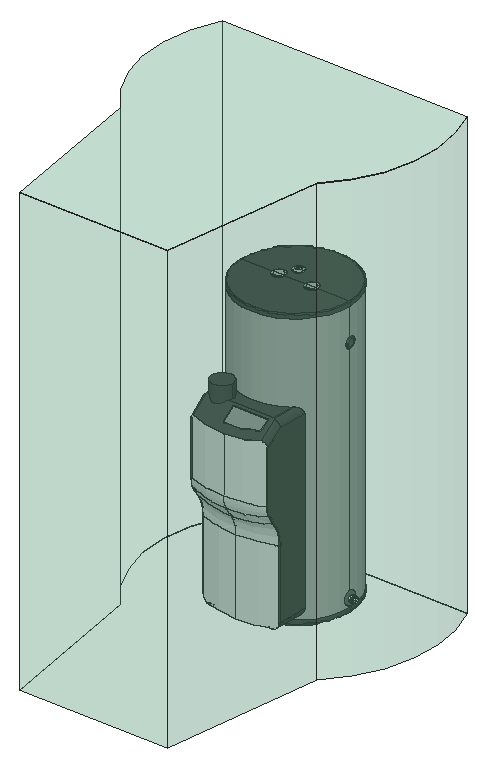
Revit family "Innovo GB_IR 32 245 GB NAT", category Mechanical Equipment, Revit 2015
Parameters (values of type "IR-32-245 GB NAT")
  Workspace Radius = Diameter + 170 mm  # 845 mm
  Workspace Height = Height + 1000 mm  # 2745 mm
  Workspace Front Distance = 1000 mm
  Working only during off-peak hour = no
  Width = Diameter  # 675 mm
  Workspace [instance] = yes
  Water heating energy efficiency class (2) = "-"
  Water heating energy efficiency class (1) = "A"  # constant formula
  Water heating energy efficiency (2) = "92%"
  Water heating energy efficiency (1) = "90%"
  Warranty on tank = "36 months"  # constant formula
  Warranty on parts = "12 months"  # constant formula
  Voltage = 230 V  # constant formula
  Valve Height 02 = if(and(Height = 1745 mm, Diameter = 675 mm), 1518 mm, if(and(Height = 1745 mm, Diameter = 610 mm), 1534 mm, if(Height = 1545 mm, 1328 mm, 1070 mm)))  # 1518 mm
  Valve Height 01 = if(and(Diameter > 560 mm), 693 mm, 604 mm)  # 693 mm
  URL = "www.aosmith.co.uk"
  Type of Packaging = "Carton and Wood"  # constant formula
  Transport Weight = 172 kg
  Trade mark = "A.O. Smith"  # constant formula
  Thermostat temperature setting = 65 °C  # constant formula
  T&P Connection Rp = 1"
  Storage Capacity = 380.0 L
  Standard Set For = "G31"
  Stand-by Loss - daily (24h) = 0 W
  Stand-by Loss = 0 W
  Smart control = no
  Serial Number = "8717449286422"
  Seasonal Energy Efficiency Rating = [Energy Efficiency Rating (Hs, acc NEN-EN 89-1999)]  # 97
  Recovery Rate @ ΔT = 70°C = 380.0 L/s
  Recovery Rate @ ΔT = 55°C = 480.0 L/s
  Recovery Rate @ ΔT = 50°C = 530.0 L/s
  Recovery Rate @ ΔT = 44°C = 600.0 L/s
  Recovery Rate @ ΔT = 28°C = 960.0 L/s
  Product Instruction Link = ""
  Product Documentation Link = ""
  Precaustions during assembling, installation or maintenance = "see User, Installation, Service and Maintenance Manual"  # constant formula
  Power Consumption (peak) = 105 W
  Power Consumption (nominal) = 85 W
  Phase = 1
  Packaging Width = 786 mm  # constant formula
  Packaging Length = 946 mm  # constant formula
  Packaging Height = 1895 mm
  Other load profile = "3XL"
  Operating Weight = 552 kg
  Nominal Output = "30700"
  Nominal Heat Input (Net) = "29000"
  Nominal Heat Input (Gross) = "32200"
  Noice-level dB (A) = "<45"  # constant formula
  NOx Emissions mg/kWh = "103.0/37.0"
  NOx Emissions (air free, 0% O2) ppm = "63.0/23.0"
  Model identifier = "IR-32-380"
  Model = "IR-32-380 GB LP"
  Min. Setpoint = 40 °C  # constant formula
  Max. Setpoint = 85 °C  # constant formula
  Max. Operating Pressure = 800000.0 Pa
  Max. Flue Gas Outlet Temperature = 65 °C
  Manufacturer Number = "E 7110"  # constant formula
  Manufacturer = "A.O. Smith Water Products Company b.v."  # constant formula
  Maintenance Interval = "12 months"  # constant formula
  Load profile = "XXL"
  Length = 780 mm  # constant formula
  Insulation Thickness = 44 mm
  Installation Type = "B23/C13/C33/C43/C53/C63"  # constant formula
  Indoor sound power level = "58 dB"
  Hot / Warm Water Connection R = 1"
  Height Warm Water Outlet = 1745 mm
  Height Gas Connection = 905 mm
  Height Flue Outlet = 1350 mm
  Height Cold Water Inlet = 170 mm
  Height Air Inlet = 1350 mm
  Height = 1745 mm
  Heating Up Time @ ΔT = 70°C = "50"
  Heating Up Time @ ΔT = 55°C = "39"
  Heating Up Time @ ΔT = 50°C = "36"
  Heating Up Time @ ΔT = 44°C = "31"
  Heating Up Time @ ΔT = 28°C = "20"
  Gas Supply Pressure = 3700.0 Pa
  Gas Flow Rate - Volume ltr/hr = "n.a."
  Gas Flow Rate - Mass kg/h = "2.3"
  Gas Connection R = 15"  # constant formula
  Gas Category = "II2E3P"  # constant formula
  Frequency = 50 Hz  # constant formula
  Flue Diameter - water heater = "80/125 mm/mm"  # constant formula
  Flue Diameter - parallel system = "2x80"  # constant formula
  Flue Diameter - concentric system = "80/125 mm/mm"  # constant formula
  Energy Efficiency Rating (Hs, acc NEN-EN 89-1999) = 97
  Energy Efficiency Rating (Hi, acc NEN-EN 89-1999) = 108
  Empty Weight = 155 kg
  Draw-off Capacity @ ΔT = 70°C after 90 min. = 840.0 L
  Draw-off Capacity @ ΔT = 70°C after 60 min. = 650.0 L
  Draw-off Capacity @ ΔT = 70°C after 30 min. = 460.0 L
  Draw-off Capacity @ ΔT = 70°C after 120 min. = 1100.0 L
  Draw-off Capacity @ ΔT = 55°C after 90 min. = 1100.0 L
  Draw-off Capacity @ ΔT = 55°C after 60 min. = 860.0 L
  Draw-off Capacity @ ΔT = 55°C after 30 min. = 610.0 L
  Draw-off Capacity @ ΔT = 55°C after 120 min. = 1400.0 L
  Draw-off Capacity @ ΔT = 50°C after 90 min. = 1300.0 L
  Draw-off Capacity @ ΔT = 50°C after 60 min. = 950.0 L
  Draw-off Capacity @ ΔT = 50°C after 30 min. = 680.0 L
  Draw-off Capacity @ ΔT = 50°C after 120 min. = 1500.0 L
  Draw-off Capacity @ ΔT = 44°C after 90 min. = 1400.0 L
  Draw-off Capacity @ ΔT = 44°C after 60 min. = 1100.0 L
  Draw-off Capacity @ ΔT = 44°C after 30 min. = 790.0 L
  Draw-off Capacity @ ΔT = 44°C after 120 min. = 1800.0 L
  Draw-off Capacity @ ΔT = 28°C after 90 min. = 2300.0 L
  Draw-off Capacity @ ΔT = 28°C after 60 min. = 1800.0 L
  Draw-off Capacity @ ΔT = 28°C after 30 min. = 1300.0 L
  Draw-off Capacity @ ΔT = 28°C after 120 min. = 2800.0 L
  Drain Valve Connection Rp = 3/4"  # constant formula
  Diameter = 675 mm
  Destination / Country = "UK & Ireland"  # constant formula
  Description = "Condensing High Efficiency Storage Water Heater"  # constant formula
  Default Setpoint = 65 °C  # constant formula
  Created By = "http://www.cadcompany.nl/"
  Condens Discharge Connection = 40 mm  # constant formula
  Cold Water Connection R = 3/4"  # constant formula
  Co2 Emissions (tol. +/- 1.0) vol% = "10"
  CE-PIN = "0063CQ3037"  # constant formula
  BIM Content Developer = "CAD & Company"  # constant formula
  Assembly Code = "D3010"
  Annual fuel consumption (2) = "40 GJ GCV"
  Annual fuel consumption (1) = "21 GJ GCV"
  Annual electricity consumption (2) = "92 kWh"
  Annual electricity consumption (1) = "45 kWh"
  APS Pressure < = 210.0 Pa
  2nd Maintenance (general maintenance) = "12 months after installation"  # constant formula
  1e Maintenance (check-up) = "3 months after installation"  # constant formula
Reference planes
  plane 1 "Center (Front/Back)": y = 0
  plane 2: z = 0
  plane 3 "Center (Left/Right)": x = 0
  plane 4 "Pipe": through (-383.901, 912.349, 194.799) normal (-0.0879, -0.0879, 0.9923)
  plane 5 "footing": y = 118.925
  plane 6 "footing front": y = -237.85
  plane 7: x = -337.5
  plane 8: x = 337.5
  plane 9: z = 1745
Forms (mm)
  Revolve 1, solid, material "RAL 9005", detail levels medium+fine
    sketch origin (0, -237.85, 0) x (-1, 0, 0) y (0, 0, 1)
      loop
        line (0, 28.9) -> (-15, 28.9) -> (-15, 26.4) -> (-8.671, 26.4) -> (-8.671, 18) -> (-5.686, 18) -> (-6.626, 17.06) -> (-6.626, 12.06) -> (-8.671, 12.06) -> (-8.671, 10) -> (-10.031, 10) -> (-23.271, 5.181)
        arc (-23.271, 5.181) -> (-23.763, 4.836) -> (-24.017, 4.293) r 1.159
        line (-24.017, 4.293) -> (-24.017, 1.03)
        arc (-24.017, 1.03) -> (-23.715, 0.302) -> (-22.986, 0) r 1.03
        line (-22.986, 0) -> (0, 0) -> (0, 28.9)
      axis (0, 28.9) -> (0, 0)
    angle from 0 to 360
  Revolve 2, solid, material "RAL 9005", detail levels medium+fine
    sketch origin (0, 118.925, 0) x (-1, 0, 0) y (0, 0, 1)
      loop
        line (-238.484, 28.9) -> (-253.484, 28.9) -> (-253.484, 26.4) -> (-247.155, 26.4) -> (-247.155, 18) -> (-244.17, 18) -> (-245.11, 17.06) -> (-245.11, 12.06) -> (-247.155, 12.06) -> (-247.155, 10) -> (-248.515, 10) -> (-261.756, 5.181)
        arc (-261.756, 5.181) -> (-262.247, 4.836) -> (-262.501, 4.293) r 1.159
        line (-262.501, 4.293) -> (-262.501, 1.03)
        arc (-262.501, 1.03) -> (-262.199, 0.302) -> (-261.471, 0) r 1.03
        line (-261.471, 0) -> (-238.484, 0) -> (-238.484, 28.9)
      axis (-238.484, 28.9) -> (-238.484, 0)
    angle from 0 to 360
  Revolve 3, solid, material "RAL 9005", detail levels medium+fine
    sketch origin (0, 118.925, 0) x (-1, 0, 0) y (0, 0, 1)
      loop
        line (236.516, 28.9) -> (221.516, 28.9) -> (221.516, 26.4) -> (227.845, 26.4) -> (227.845, 18) -> (230.83, 18) -> (229.89, 17.06) -> (229.89, 12.06) -> (227.845, 12.06) -> (227.845, 10) -> (226.485, 10) -> (213.244, 5.181)
        arc (213.244, 5.181) -> (212.753, 4.836) -> (212.499, 4.293) r 1.159
        line (212.499, 4.293) -> (212.499, 1.03)
        arc (212.499, 1.03) -> (212.801, 0.302) -> (213.529, 0) r 1.03
        line (213.529, 0) -> (236.516, 0) -> (236.516, 28.9)
      axis (236.516, 28.9) -> (236.516, 0)
    angle from 0 to 360
Lines and regions (mm)
  symbolic lines
    curve 1: line (0, 280.06, 0) -> (0, -280.06, 0)
    curve 2: line (-312.56, 0, 0) -> (312.56, 0, 0)
  symbolic lines, style "Workspace"
    curve 3: line (754.705, 380.06, 0) -> (-754.705, 380.06, 0)
    curve 4: arc (-754.705, 380.06, 0) -> (-834.687, -131.618, 0) -> (-601.132, -593.856, 0) r 845
    curve 5: line (-601.132, -593.856, 0) -> (-454.283, -1552.825, 0)
    curve 6: line (-454.283, -1552.825, 0) -> (456.53, -1552.825, 0)
    curve 7: line (456.53, -1552.825, 0) -> (603.26, -591.695, 0)
    curve 8: arc (603.26, -591.695, 0) -> (834.921, -130.12, 0) -> (754.705, 380.06, 0) r 845
Dimensions and locks
  plane 5 "footing" to plane 1 "Center (Front/Back)" = 118.925 mm
  plane 1 "Center (Front/Back)" to plane 6 "footing front" = 237.85 mm
  "Diameter": plane 7 to plane 8
  equal spacing: plane 7, plane 3 "Center (Left/Right)", plane 8
  "Height": plane 9 to plane 2
  "Workspace Front Distance": curve 6 to nested 3
  "Workspace Radius": radius of curve 4
  "Workspace Radius": radius of curve 8
  aligned and locked: level to plane 2
  aligned and locked: nested 3 to Revolve 1 sketch curve
  aligned and locked: plane 3 "Center (Left/Right)" to Revolve 1 sketch curve
  aligned and locked: nested 3 to plane 1 "Center (Front/Back)"
  aligned and locked: plane 3 "Center (Left/Right)" to nested 3
  aligned and locked: nested 1 to plane 8
  aligned and locked: nested 5 to plane 8
  aligned and locked: nested 2 to plane 7
  aligned and locked: nested 4 to plane 7
  aligned and locked: nested 7 to plane 7
  aligned and locked: nested 8 to plane 3 "Center (Left/Right)"
  aligned and locked: plane 1 "Center (Front/Back)" to nested 8
  aligned and locked: nested 8 to nested 3
  aligned and locked: curve 5 to nested 8
  aligned and locked: curve 7 to nested 8
  aligned and locked: curve 3 to nested 8
Automatic sketch dimensions
  Revolve 1 sketch curve to level = 0 mm
  plane 3 "Center (Left/Right)" to Revolve 1 sketch curve = 5.686 mm
  Revolve 1 sketch curve to Revolve 1 sketch curve = 0.94 mm  (x2)
  Revolve 1 sketch curve to Revolve 1 sketch curve = 2.046 mm  (x2)
  Revolve 1 sketch curve to Revolve 1 sketch curve = 1.359 mm
  Revolve 1 sketch curve to Revolve 1 sketch curve = 6.329 mm
  level to Revolve 1 sketch curve = 4.091 mm
  Revolve 1 sketch curve to Revolve 1 sketch curve = 12.844 mm
  level to Revolve 1 sketch curve = 1.03 mm
  Revolve 1 sketch curve to Revolve 1 sketch curve = 0.111 mm
  level to Revolve 1 sketch curve = 5.181 mm
  Revolve 1 sketch curve to Revolve 1 sketch curve = 0.745 mm
  level to Revolve 1 sketch curve = 10 mm
  Revolve 1 sketch curve to Revolve 1 sketch curve = 2.06 mm
  Revolve 1 sketch curve to Revolve 1 sketch curve = 5 mm
  Revolve 1 sketch curve to Revolve 1 sketch curve = 8.4 mm
  Revolve 1 sketch curve to Revolve 1 sketch curve = 2.5 mm
  Revolve 1 sketch curve to level = 19.635 mm
  Revolve 1 sketch curve to Revolve 1 sketch curve = 46.465 mm
  Revolve 2 sketch curve to level = 0 mm
  level to Revolve 2 sketch curve = 1.03 mm
  Revolve 2 sketch curve to plane 8 = 74.999 mm
  level to Revolve 2 sketch curve = 5.181 mm
  Revolve 2 sketch curve to Revolve 2 sketch curve = 0.745 mm
  Revolve 2 sketch curve to Revolve 2 sketch curve = 0.397 mm
  Revolve 2 sketch curve to Revolve 2 sketch curve = 8.271 mm
  Revolve 2 sketch curve to Revolve 2 sketch curve = 13.241 mm
  Revolve 2 sketch curve to Revolve 2 sketch curve = 1.359 mm
  Revolve 2 sketch curve to Revolve 2 sketch curve = 6.329 mm
  Revolve 2 sketch curve to Revolve 2 sketch curve = 2.046 mm
  level to Revolve 2 sketch curve = 18 mm
  Revolve 2 sketch curve to Revolve 2 sketch curve = 0.94 mm  (x2)
  Revolve 2 sketch curve to Revolve 2 sketch curve = 8.671 mm
  Revolve 2 sketch curve to Revolve 2 sketch curve = 1.089 mm
  Revolve 2 sketch curve to Revolve 2 sketch curve = 8 mm
  Revolve 2 sketch curve to Revolve 2 sketch curve = 2.06 mm
  Revolve 2 sketch curve to Revolve 2 sketch curve = 8.4 mm
  Revolve 2 sketch curve to Revolve 2 sketch curve = 2.5 mm
  Revolve 2 sketch curve to Revolve 2 sketch curve = 0 mm
  Revolve 2 sketch curve to level = 19.635 mm
  Revolve 2 sketch curve to Revolve 2 sketch curve = 46.465 mm
  Revolve 3 sketch curve to level = 0 mm
  level to Revolve 3 sketch curve = 1.03 mm
  Revolve 3 sketch curve to plane 7 = 125.001 mm
  level to Revolve 3 sketch curve = 5.181 mm
  Revolve 3 sketch curve to Revolve 3 sketch curve = 0.745 mm
  Revolve 3 sketch curve to Revolve 3 sketch curve = 0.397 mm
  Revolve 3 sketch curve to Revolve 3 sketch curve = 8.271 mm
  Revolve 3 sketch curve to Revolve 3 sketch curve = 13.241 mm
  Revolve 3 sketch curve to Revolve 3 sketch curve = 1.359 mm
  Revolve 3 sketch curve to Revolve 3 sketch curve = 6.329 mm
  Revolve 3 sketch curve to Revolve 3 sketch curve = 2.046 mm
  level to Revolve 3 sketch curve = 18 mm
  Revolve 3 sketch curve to Revolve 3 sketch curve = 0.94 mm  (x2)
  Revolve 3 sketch curve to Revolve 3 sketch curve = 8.671 mm
  Revolve 3 sketch curve to Revolve 3 sketch curve = 1.089 mm
  Revolve 3 sketch curve to Revolve 3 sketch curve = 8 mm
  Revolve 3 sketch curve to Revolve 3 sketch curve = 2.06 mm
  Revolve 3 sketch curve to Revolve 3 sketch curve = 8.4 mm
  Revolve 3 sketch curve to Revolve 3 sketch curve = 2.5 mm
  Revolve 3 sketch curve to Revolve 3 sketch curve = 0 mm
  Revolve 3 sketch curve to level = 19.635 mm
  Revolve 3 sketch curve to Revolve 3 sketch curve = 46.465 mm
  curve 4 to curve 8 = 0 mm  (x2)
  plane 1 "Center (Front/Back)" to curve 2 = 0 mm
  curve 1 to plane 3 "Center (Left/Right)" = 0 mm
  plane 1 "Center (Front/Back)" to curve 4 = 0 mm
  curve 4 to plane 3 "Center (Left/Right)" = 0 mm
  curve 2 to plane 7 = 24.94 mm
  curve 2 to plane 8 = 24.94 mm
  curve 1 to plane 6 "footing front" = 42.21 mm
  plane 5 "footing" to curve 1 = 161.135 mm
Nested families
  nested 1: "Valve" at (337.5, -0.38, 1518) x (0, 1, 0) z (0, 0, 1), built-in parameter 1001364 <- "Valve Height 02", type "Valve"
  nested 2: "Drain Valve" at (-337.5, 0, 1518), built-in parameter 1001364 <- "Valve Height 02", type "Drain Valve"
  nested 3: "Housing Mother Housing S 57 (external)" at (0, -334.886, 0), type "Housing Mother_Housing S_57"
    with radius 337.5 mm, distance to boiler center 189 mm, diameter 675 mm
  nested 4: "Drain Valve" at (-337.5, 0, 177), type "Drain Valve"
  nested 5: "Drain Valve" at (337.5, 0, 107) x (-1, 0, 0) z (0, 0, 1), type "Drain Valve"
  nested 6: "Boiler" at (0, 0, 0), height <- "Height", type "Boiler"
    with height 1745 mm, radius 337.5 mm, Diameter 675 mm
  nested 7: "Drain Valve" at (-337.5, 0, 693), built-in parameter 1001364 <- "Valve Height 01", type "Drain Valve"
  nested 8: "Innovo_workspace" at (0, 0, 0), Workspace <- "Workspace", Workspace Distance Front <- "Workspace Front Distance", Workspace Height <- "Workspace Height", Workspace Radius <- "Workspace Radius", type "Workspace"
    with Workspace Radius 845 mm, Workspace Height 2745 mm, Workspace Distance Front 1000 mm, Workspace yes, Center to Front 552.825 mm
Connectors
  piping at (372.326, 0, 107), diameter 19.05, driven by "Drain Valve Connection Rp"
    settings: on nested 5, index 1, connector inside diameter 24", connector length 0 mm, flow factor 0, pipe flow 0.0 L/s, pressure drop 0.0 Pa, fitting loss kfactor 0, connector angle 0.00°, fixture units 0, engagement length 0 mm, angle of deflection 0.00°, flow configuration 0, flow direction 0, fitting loss method 0, system type 19, joint type 0, gender type 0, connector reference index -1, connector utility 0, adjustable connector no, is connector primary yes, connector description ""
  hvac at (-147.013, -381.326, 1310.674)
    settings: on nested 3, index 2, duct flow 0.0 L/s, flow factor 0, pres drop 0.0 Pa, loss coef 0, conn angle 0.00°, conn width 304.8 mm, conn height 304.8 mm, conn diameter 125 mm, duct sys type 4, conn prof type 0, flow config 0, flow direction 0, loss method 0, conn ref index -1, conn util no, is conn primary yes, conn desc ""
Definition of nested family "Valve"
  Parameters (values of type "Valve")
    Type Comments = "T&P valve (internal)"
    Manufacturer = "A.O. Smith"
  Reference planes
    plane 1 "Center (Front/Back)": y = 0
    plane 2: z = 0
    plane 3 "Center (Left/Right)": x = 0
  Forms (mm)
    Extrusion 1, solid, detail levels fine
      sketch origin (0, 0, 0) x (1, 0, 0) y (0, 0, 1)
        loop
          circle (0, 0) r 31.5
      from -2.271 to 1.4
    Sweep 2, solid, detail levels fine
      path origin (0, -1.4, 0) x (1, 0, 0) y (0, 0, 1)
        loop
          circle (0, 0) r 31.5
      profile origin (0, -1.4, 31.5) x (0, 0, -1) y (0, -1, 0)
        loop
          line (7.3, 0) -> (7.3, 3) -> (0, 0) -> (7.3, 0)
  Dimensions and locks
    aligned and locked: level to plane 2
Definition of nested family "Drain Valve"
  Reference planes
    plane 1 "Center (Front/Back)": y = 0
    plane 2: z = 0
    plane 3 "Center (Left/Right)": x = 0
  Forms (mm)
    Revolve 1, solid, detail levels medium+fine
      sketch origin (0, 0, 0) x (1, 0, 0) y (0, 0, 1)
        loop
          line (-33.442, 15.696) -> (-34.826, 14.329) -> (-34.93, 12.731) -> (-16.555, 12.731) -> (-16.555, 0) -> (15.787, 0) -> (15.787, 18.3) -> (-14.4, 18.3) -> (-17.148, 15.533) -> (-18.729, 16.697) -> (-20.091, 15.333) -> (-21.672, 16.496) -> (-23.034, 15.133) -> (-24.614, 16.296) -> (-25.976, 14.932) -> (-27.557, 16.096) -> (-28.919, 14.732) -> (-30.5, 15.896) -> (-31.862, 14.532) -> (-33.442, 15.696)
        axis (-34.93, 0) -> (15.787, 0)
      angle from 0 to 360
  Dimensions and locks
    aligned and locked: level to plane 2
  Nested families
    nested 1: "Rubber sealing" at (2.592, -0.155, 0) x (0.0023, -1, 0) z (0, 0, 1), type "Rubber sealing", detail levels fine
  Definition of nested family "Rubber sealing"
    Reference planes
      plane 1 "Center (Front/Back)": y = 0
      plane 2: z = 0
      plane 3 "Center (Left/Right)": x = 0
    Forms (mm)
      Extrusion 1, solid, detail levels fine
        sketch origin (141.861, 319.581, 0) x (1, 0, 0) y (0, 1, 0)
          loop
            line (-216.354, -311.898) -> (-216.354, -313.94)
            arc (-216.354, -313.94) -> (-141.602, -321.581) -> (-66.861, -313.835) r 366.966
            line (-66.861, -313.835) -> (-66.861, -311.791)
            arc (-66.861, -311.791) -> (-141.602, -319.581) -> (-216.354, -311.898) r 364.966
        from -80 to 80
      Extrusion 2, void
        sketch origin (141.861, 319.581, 0) x (1, 0, 0) y (0, 0, 1)
          loop
            circle (-141.861, 0) r 13
          loop
            circle (-141.861, 0) r 110
          loop
            circle (-141.861, 0) r 40
        from 311.563 to 332.684
      Extrusion 3, void
        sketch origin (141.861, 319.581, 0) x (1, 0, 0) y (0, 0, 1)
          loop
            circle (-141.861, 0) r 18.25
        from 315.524 to 326.084
    Cuts and joins
      Extrusion 2, Extrusion 3 cuts Extrusion 1
    Dimensions and locks
      aligned and locked: level to plane 2
Definition of nested family "Housing Mother Housing S 57 (external)"
  Parameters (values of type "Housing Mother_Housing S_57")
    radius [instance] = 280 mm
    distance to boiler center = if(diameter = 675 mm, 189 mm, if(diameter = 610 mm, 154 mm, 129 mm))  # 129 mm
    diameter = 560 mm
  Reference planes
    plane 1 "Center (Front/Back)": y = 0
    plane 2: z = 0
    plane 3 "Center (Left/Right)": x = 0
    plane 4 "left": through (-245.286, 145.886, 1200) normal (0.9994, 0.0349, 0)
    plane 5: y = -217.939
    plane 6: y = 145.886
    plane 7: z = 1232.6
    plane 8: z = 65.89
    plane 9 "right": through (245.286, 145.886, 1200) normal (0.9994, -0.0349, 0)
    plane 10 "display": through (0, -90.37, 1221.196) normal (0, -0.5736, 0.8192)
    plane 11 "Potentiostat": z = 867.899
    plane 12 "boiler center": y = 274.886
    plane 13: x = -280
    plane 14: x = 280
  Forms (mm)
    Extrusion 1, solid
      sketch origin (0, 0, 0) x (1, 0, 0) y (0, 1, 0)
        loop
          line (-245.286, 145.886) -> (-232.581, -217.939) -> (232.581, -217.939) -> (245.286, 145.886)
          arc (245.286, 145.886) -> (0, 0.923) -> (-245.286, 145.886) r 280
      from 0 to 1232.6
    Sweep 2, void
      path origin (0, 0, 0) x (0, 1, 0) y (0, 0, 1)
        loop
          line (-217.939, 1232.6) -> (-217.939, 795.555)
          arc (-217.939, 795.555) -> (-212.387, 754.285) -> (-197.694, 715.322) r 183.924
          arc (-197.694, 715.322) -> (-179.915, 684.628) -> (-159.106, 655.901) r 348.284
          arc (-159.106, 655.901) -> (-131.411, 600.328) -> (-121.88, 538.973) r 202.254
          line (-121.88, 538.973) -> (-121.88, 61.106)
      profile origin (0, -217.939, 1014.077) x (1, 0, 0) y (0, 1, 0)
        loop
          arc (0, 0) -> (-117.533, 9.941) -> (-231.728, 39.475) r 699.984
          arc (-231.728, 39.475) -> (-233.391, 40.705) -> (-234.07, 42.659) r 3.505
          line (-234.07, 42.659) -> (-254.062, 42.659) -> (-254.062, -142.593) -> (254.07, -142.593) -> (254.07, 42.659) -> (234.07, 42.659)
          arc (234.07, 42.659) -> (233.391, 40.705) -> (231.728, 39.475) r 3.505
          arc (231.728, 39.475) -> (117.533, 9.941) -> (0, 0) r 699.984
    Extrusion 3, void
      sketch origin (0, 0, 0) x (0, 1, 0) y (0, 0, 1)
        loop
          arc (102.864, 70.869) -> (99.804, 70.709) -> (96.874, 69.813) r 12.57
          arc (96.874, 69.813) -> (87.878, 66.533) -> (78.516, 64.529) r 69.114
          arc (78.516, 64.529) -> (76.41, 64.284) -> (74.294, 64.148) r 41.206
          arc (74.294, 64.148) -> (65.203, 64.335) -> (56.122, 64.782) r 318.661
          arc (56.122, 64.782) -> (30.585, 66.179) -> (5.028, 67.128) r 1456.581
          line (5.028, 67.128) -> (-84.534, 73.135)
          arc (-84.534, 73.135) -> (-86.363, 73.808) -> (-87.536, 75.365) r 3.455
          line (-87.536, 75.365) -> (-264.473, 75.365) -> (-264.473, 0) -> (160.886, 0) -> (160.886, 103.945) -> (145.886, 103.945)
          arc (145.886, 103.945) -> (145.104, 97.827) -> (142.923, 92.059) r 26.364
          arc (142.923, 92.059) -> (141.067, 88.936) -> (138.867, 86.045) r 31.715
          arc (138.867, 86.045) -> (135.576, 82.49) -> (132.021, 79.2) r 62.615
          arc (132.021, 79.2) -> (125.841, 74.697) -> (119.091, 71.103) r 54.444
          arc (119.091, 71.103) -> (116.371, 70.272) -> (113.531, 70.123) r 11.669
          line (113.531, 70.123) -> (102.864, 70.869)
      from -254.062 to 254.07
    Sweep 4, void
      path origin (0, 0, 0) x (1, 0, 0) y (0, 1, 0)
        loop
          line (-245.286, 145.886) -> (-232.581, -217.939)
      profile origin (-238.933, -36.027, 0) x (0.999391, 0.034899, 0) y (0, 0, 1)
        loop
          line (-4.454, 0) -> (47.084, 0) -> (47.084, 73.431)
          arc (47.084, 73.431) -> (14.222, 85.134) -> (0.255, 117.1) r 43.922
          line (0.255, 117.1) -> (-4.454, 117.1) -> (-4.454, 0)
    Sweep 5, void
      path origin (0, 0, 0) x (-1, 0, 0) y (0, 1, 0)
        loop
          line (-245.286, 145.886) -> (-232.581, -217.939)
      profile origin (238.933, -36.027, 0) x (0.999391, -0.034899, 0) y (0, 0, 1)
        loop
          line (4.454, 0) -> (4.454, 117.1) -> (-0.255, 117.1)
          arc (-0.255, 117.1) -> (-14.222, 85.134) -> (-47.084, 73.431) r 43.922
          line (-47.084, 73.431) -> (-47.084, 0) -> (4.454, 0)
    Sweep 6, void
      path origin (-239.899, -8.377, 0) x (-0.034899, 0.999391, 0) y (0, 0, 1)
        loop
          line (-209.69, 1141.272) -> (-79.18, 1232.6) -> (154.358, 1232.6)
      profile origin (-241.211, 29.188, 1232.6) x (0, 0, 1) y (0.999391, 0.034899, 0)
        loop
          line (-45, -30) -> (75, -30) -> (75, 0) -> (75, 55) -> (2.799, 55) -> (-1.253, 35.128)
          arc (-1.253, 35.128) -> (-16.771, 9.564) -> (-45, -0.308) r 44.287
          line (-45, -0.308) -> (-45, -30)
    Sweep 7, void
      path origin (239.899, -8.377, 0) x (0.034899, 0.999391, 0) y (0, 0, 1)
        loop
          line (-209.69, 1141.272) -> (-79.18, 1232.6) -> (154.358, 1232.6)
      profile origin (241.211, 29.188, 1232.6) x (0, 0, -1) y (-0.999391, 0.034899, 0)
        loop
          line (-75, -25) -> (45, -25) -> (45, -0.308)
          arc (45, -0.308) -> (16.771, 9.564) -> (1.253, 35.128) r 44.287
          line (1.253, 35.128) -> (-2.799, 55) -> (-75, 55) -> (-75, -25)
    Extrusion 8, void
      sketch origin (0, 0, 0) x (0, 1, 0) y (0, 0, 1)
        loop
          line (-270, 1336.099) -> (-270, 1099.081) -> (68.497, 1336.099) -> (-270, 1336.099)
      from -425.038 to 444.42
    Extrusion 9, solid, detail levels medium+fine
      sketch origin (0, 0, 0) x (1, 0, 0) y (0, 1, 0)
        loop
          circle (-147.013, -46.44) r 65
      from 1163.174 to 1310.674
    Extrusion 10, void
      sketch origin (0, -603.506, 861.895) x (0, 0.819152, 0.573576) y (-1, 0, 0)
        loop
          arc (618.322, -173) -> (623.272, -170.95) -> (625.322, -166) r 7
          line (625.322, -166) -> (625.322, 35)
          arc (625.322, 35) -> (623.272, 39.95) -> (618.322, 42) r 7
          line (618.322, 42) -> (535.473, 42)
          arc (535.473, 42) -> (530.688, 40.11) -> (528.488, 35.46) r 7
          arc (528.488, 35.46) -> (531.569, -67.592) -> (554.18, -168.18) r 540
          arc (554.18, -168.18) -> (556.724, -171.668) -> (560.831, -173) r 7
          line (560.831, -173) -> (618.322, -173)
      from 0 to 137.286
    Sweep 11, solid, detail levels fine
      path origin (0, 0, 867.899) x (-1, 0, 0) y (0, -1, 0)
        loop
          line (309.749, -35.617) -> (204.371, -35.617)
          arc (204.371, -35.617) -> (196.509, -34.687) -> (189.082, -31.947) r 33.677
          line (189.082, -31.947) -> (-9.574, 69.274)
      profile origin (-257.06, 35.617, 867.899) x (0, 1, 0) y (0, 0, 1)
        loop
          circle (0, 0) r 7.316
        loop
          circle (0, 0) r 6.465
    Revolve 12, void
      sketch origin (0, 274.886, 0) x (-1, 0, 0) y (0, 0, 1)
        loop
          line (280, 1243.838) -> (0, 1243.838) -> (0, 54.9) -> (280, 54.9) -> (280, 1243.838)
        axis (0, 1243.838) -> (0, 54.9)
      angle from 0 to 360
  Cuts and joins
    Sweep 2, Extrusion 3, Sweep 4, Sweep 5, Sweep 6, Sweep 7, Extrusion 8, Extrusion 10, Revolve 12 cuts Extrusion 1
  Dimensions and locks
    plane 8 to plane 2 = 65.89 mm
    plane 7 to plane 8 = 1166.71 mm
    "distance to boiler center": plane 12 "boiler center" to plane 6
    "diameter": plane 14 to plane 13
    equal spacing: plane 14, plane 3 "Center (Left/Right)", plane 13
    "radius": plane 3 "Center (Left/Right)" to plane 13
    aligned and locked: level to plane 2
    aligned and locked: Extrusion 1 to plane 7
    aligned and locked: Extrusion 1 sketch curve to plane 5
    aligned and locked: Sweep 2 to Extrusion 3
    aligned and locked: Extrusion 3 to Sweep 2  (x2)
    aligned and locked: plane 7 to Sweep 2 sketch curve
    aligned and locked: plane 3 "Center (Left/Right)" to Revolve 12 sketch curve
    aligned and locked: Revolve 12 sketch curve to plane 3 "Center (Left/Right)"
    aligned and locked: plane 13 to Revolve 12 sketch curve
  Automatic sketch dimensions
    Extrusion 1 sketch curve to plane 4 "left" = 0 mm  (x2)
    Extrusion 1 sketch curve to plane 6 = 0 mm  (x2)
    Extrusion 1 sketch curve to plane 3 "Center (Left/Right)" = 0 mm
    Extrusion 1 sketch curve to plane 9 "right" = 0 mm
    plane 6 to Extrusion 1 sketch curve = 135.037 mm
    Sweep 2 sketch curve to plane 5 = 0 mm
    plane 5 to Sweep 2 sketch curve = 106.195 mm
    Sweep 2 sketch curve to plane 5 = 96.059 mm
    plane 1 "Center (Front/Back)" to Sweep 2 sketch curve = 34.053 mm
    plane 11 "Potentiostat" to Sweep 2 sketch curve = 6.417 mm
    Sweep 2 sketch curve to plane 6 = 33.705 mm
    Sweep 2 sketch curve to plane 11 "Potentiostat" = 68.615 mm
    Sweep 2 sketch curve to plane 11 "Potentiostat" = 72.345 mm
    Sweep 2 sketch curve to Sweep 2 sketch curve = 176.349 mm
    Sweep 2 sketch curve to Sweep 2 sketch curve = 0 mm  (x2)
    plane 8 to Sweep 2 sketch curve = 4.784 mm
    Extrusion 3 sketch curve to level = 0 mm
    Extrusion 3 sketch curve to plane 6 = 0 mm
    Extrusion 3 sketch curve to plane 6 = 26.363 mm
    Extrusion 3 sketch curve to Extrusion 3 sketch curve = 4.75 mm
    Extrusion 3 sketch curve to Extrusion 3 sketch curve = 5.179 mm
    Extrusion 3 sketch curve to plane 8 = 4.232 mm
    Extrusion 3 sketch curve to Extrusion 3 sketch curve = 0.814 mm
    Extrusion 3 sketch curve to plane 8 = 4.978 mm
    Extrusion 3 sketch curve to Extrusion 3 sketch curve = 10.667 mm
    Extrusion 3 sketch curve to Extrusion 3 sketch curve = 0.877 mm
    Extrusion 3 sketch curve to Extrusion 3 sketch curve = 17.827 mm
    Extrusion 3 sketch curve to Extrusion 3 sketch curve = 5.646 mm
    Extrusion 3 sketch curve to plane 6 = 69.562 mm
    Extrusion 3 sketch curve to Extrusion 3 sketch curve = 18.6 mm
    Extrusion 3 sketch curve to Extrusion 3 sketch curve = 22.538 mm
    Extrusion 3 sketch curve to plane 8 = 1.238 mm
    Extrusion 3 sketch curve to plane 1 "Center (Front/Back)" = 5.028 mm
    plane 1 "Center (Front/Back)" to Extrusion 3 sketch curve = 36.224 mm
    Extrusion 3 sketch curve to plane 8 = 10.692 mm
    plane 1 "Center (Front/Back)" to Extrusion 3 sketch curve = 84.302 mm
    Extrusion 3 sketch curve to plane 8 = 7.244 mm
    Extrusion 3 sketch curve to Extrusion 3 sketch curve = 0.231 mm
    Extrusion 3 sketch curve to Extrusion 3 sketch curve = 3.234 mm
    plane 5 to Extrusion 3 sketch curve = 46.534 mm
    plane 6 to Extrusion 3 sketch curve = 15 mm
    Extrusion 3 sketch curve to level = 1388.869 mm
    plane 8 to Extrusion 3 sketch curve = 7.561 mm
    Extrusion 3 sketch curve to Extrusion 3 sketch curve = 11.64 mm
    Extrusion 3 sketch curve to plane 8 = 38.054 mm
    Extrusion 3 sketch curve to Extrusion 3 sketch curve = 22.442 mm
    Extrusion 3 sketch curve to plane 8 = 39.432 mm
    Extrusion 3 sketch curve to Extrusion 3 sketch curve = 2.466 mm
    Extrusion 3 sketch curve to Extrusion 3 sketch curve = 14.17 mm
    Extrusion 3 sketch curve to Extrusion 3 sketch curve = 5.925 mm
    Extrusion 3 sketch curve to Extrusion 3 sketch curve = 6.186 mm
    Extrusion 3 sketch curve to Extrusion 3 sketch curve = 249.85 mm
    Extrusion 3 sketch curve to Extrusion 3 sketch curve = 0 mm  (x4)
    Extrusion 3 sketch curve to Extrusion 3 sketch curve = 6.845 mm
    plane 8 to Extrusion 3 sketch curve = 1.743 mm
    Sweep 4 sketch curve to plane 4 "left" = 0 mm  (x2)
    Sweep 4 sketch curve to plane 6 = 0 mm
    plane 5 to Sweep 4 sketch curve = 0 mm
    Sweep 4 sketch curve to level = 0 mm
    profile plane to Sweep 4 sketch curve = 4.454 mm
    Sweep 4 sketch curve to profile plane = 0.255 mm
    Sweep 4 sketch curve to Sweep 4 sketch curve = 43.922 mm
    Sweep 4 sketch curve to profile plane = 47.084 mm
    level to Sweep 4 sketch curve = 73.431 mm
    Sweep 4 sketch curve to Sweep 4 sketch curve = 43.669 mm
    Sweep 5 sketch curve to plane 6 = 0 mm
    Sweep 5 sketch curve to plane 9 "right" = 0 mm  (x2)
    plane 5 to Sweep 5 sketch curve = 0 mm
    Sweep 5 sketch curve to level = 0 mm
    profile plane to Sweep 5 sketch curve = 47.084 mm
    Sweep 5 sketch curve to Sweep 5 sketch curve = 2.907 mm
    profile plane to Sweep 5 sketch curve = 0.255 mm
    Sweep 5 sketch curve to profile plane = 4.454 mm
    level to Sweep 5 sketch curve = 73.431 mm
    Sweep 5 sketch curve to Sweep 5 sketch curve = 43.669 mm
    Sweep 6 sketch curve to plane 7 = 0 mm
    plane 7 to Sweep 6 sketch curve = 91.328 mm
    Sweep 6 sketch curve to Sweep 6 sketch curve = 130.509 mm
    Sweep 6 sketch curve to Sweep 6 sketch curve = 233.538 mm
    Sweep 6 sketch curve to plane 4 "left" = 0 mm
    profile plane to Sweep 6 sketch curve = 45 mm
    Sweep 6 sketch curve to Sweep 6 sketch curve = 0.354 mm
    profile plane to Sweep 6 sketch curve = 1.253 mm
    Sweep 6 sketch curve to profile plane = 2.799 mm
    Sweep 6 sketch curve to Sweep 6 sketch curve = 72.201 mm
    Sweep 6 sketch curve to plane 4 "left" = 0.308 mm
    Sweep 6 sketch curve to Sweep 6 sketch curve = 29.692 mm
    plane 4 "left" to Sweep 6 sketch curve = 35.128 mm
    plane 4 "left" to Sweep 6 sketch curve = 55 mm
    Sweep 7 sketch curve to plane 7 = 0 mm
    Sweep 7 sketch curve to plane 7 = 91.328 mm
    Sweep 7 sketch curve to Sweep 7 sketch curve = 130.509 mm
    Sweep 7 sketch curve to Sweep 7 sketch curve = 233.538 mm
    Sweep 7 sketch curve to plane 9 "right" = 25 mm
    profile plane to Sweep 7 sketch curve = 75 mm
    profile plane to Sweep 7 sketch curve = 2.799 mm
    Sweep 7 sketch curve to profile plane = 1.253 mm
    Sweep 7 sketch curve to Sweep 7 sketch curve = 43.393 mm
    Sweep 7 sketch curve to profile plane = 45 mm
    Sweep 7 sketch curve to plane 9 "right" = 0.308 mm
    plane 9 "right" to Sweep 7 sketch curve = 35.128 mm
    Sweep 7 sketch curve to Sweep 7 sketch curve = 19.872 mm
    plane 5 to Extrusion 8 sketch curve = 52.061 mm
    Extrusion 8 sketch curve to plane 1 "Center (Front/Back)" = 68.497 mm
    plane 7 to Extrusion 8 sketch curve = 133.519 mm
    Extrusion 8 sketch curve to plane 7 = 103.499 mm
    plane 1 "Center (Front/Back)" to Extrusion 9 sketch curve = 46.44 mm
    Extrusion 9 sketch curve to plane 3 "Center (Left/Right)" = 147.013 mm
    Extrusion 10 sketch curve to plane 3 "Center (Left/Right)" = 0 mm
    Extrusion 10 sketch curve to plane 3 "Center (Left/Right)" = 35 mm
    Extrusion 10 sketch curve to Extrusion 10 sketch curve = 25.359 mm
    Extrusion 10 sketch curve to Extrusion 10 sketch curve = 57.491 mm
    Extrusion 10 sketch curve to plane 3 "Center (Left/Right)" = 42 mm
    Extrusion 10 sketch curve to Extrusion 10 sketch curve = 82.85 mm
    Extrusion 10 sketch curve to Extrusion 10 sketch curve = 7 mm
    Extrusion 10 sketch curve to Extrusion 10 sketch curve = 442 mm
    plane 3 "Center (Left/Right)" to Extrusion 10 sketch curve = 166 mm
    Extrusion 10 sketch curve to Extrusion 10 sketch curve = 0 mm  (x2)
    Sweep 11 sketch curve to plane 1 "Center (Front/Back)" = 31.947 mm
    Sweep 11 sketch curve to plane 3 "Center (Left/Right)" = 189.082 mm
    Sweep 11 sketch curve to plane 1 "Center (Front/Back)" = 1.94 mm
    Sweep 11 sketch curve to Sweep 11 sketch curve = 15.289 mm
    plane 3 "Center (Left/Right)" to Sweep 11 sketch curve = 9.574 mm
    Sweep 11 sketch curve to Sweep 11 sketch curve = 105.378 mm
    plane 1 "Center (Front/Back)" to Sweep 11 sketch curve = 69.274 mm
    Sweep 11 sketch curve to Sweep 11 sketch curve = 0 mm  (x2)
    Sweep 11 sketch curve to plane 11 "Potentiostat" = 0 mm
    Sweep 11 sketch curve to profile plane = 0 mm
    plane 8 to Revolve 12 sketch curve = 10.99 mm
    Revolve 12 sketch curve to plane 7 = 11.238 mm
    Revolve 12 sketch curve to level = 366.045 mm
    Revolve 12 sketch curve to Revolve 12 sketch curve = 971.917 mm
    Sweep 2 sketch curve to plane 3 "Center (Left/Right)" = 0 mm
    profile plane to Sweep 2 sketch curve = 0 mm
    Sweep 2 sketch curve to plane 3 "Center (Left/Right)" = 0.016 mm
    Sweep 2 sketch curve to profile plane = 42.782 mm  (x2)
    Sweep 2 sketch curve to plane 3 "Center (Left/Right)" = 230.568 mm
    plane 3 "Center (Left/Right)" to Sweep 2 sketch curve = 0.016 mm
    plane 3 "Center (Left/Right)" to Sweep 2 sketch curve = 230.568 mm
    Sweep 2 sketch curve to Sweep 2 sketch curve = 3.502 mm  (x2)
    Sweep 2 sketch curve to Sweep 2 sketch curve = 20 mm
    profile plane to Sweep 2 sketch curve = 142.593 mm
    Sweep 2 sketch curve to Sweep 2 sketch curve = 0.122 mm  (x2)
    Sweep 2 sketch curve to Sweep 2 sketch curve = 657.203 mm
    Sweep 2 sketch curve to Sweep 2 sketch curve = 19.991 mm
    radius of Extrusion 9 sketch curve = 65 mm
    radius of Sweep 11 sketch curve = 7.316 mm
    radius of Sweep 11 sketch curve = 6.465 mm
  Nested families
    nested 1: "display" at (65.5, -130.939, 1192.79) x (-1, 0, 0) z (0, -0.5736, 0.8192), type "display"
  Definition of nested family "display"
    Parameters (values of type "display")
      Default Elevation = 1219.2 mm
    Reference planes
      plane 1 "Center (Front/Back)": y = 0
      plane 2: z = 0
      plane 3 "Center (Left/Right)": x = 0
    Forms (mm)
      Extrusion 1, solid, detail levels medium+fine
        sketch origin (-16.958, 11.842, -343.878) x (1, 0, 0) y (0, 0, -1)
          loop
            line (-233.523, -343.878) -> (-233.523, -346.592) -> (332.686, -346.592) -> (332.686, -343.878) -> (-233.523, -343.878)
        from -228.7 to 150.822
      Extrusion 2, void
        sketch origin (-16.958, 6.842, -343.878) x (1, 0, 0) y (0, 1, 0)
          loop
            line (-233.523, 155.822) -> (-233.523, -223.7) -> (332.686, -223.7) -> (332.686, 155.822) -> (-233.523, 155.822)
          loop
            arc (-90.542, -48.267) -> (-88.492, -53.216) -> (-83.542, -55.267) r 7
            line (-83.542, -55.267) -> (117.458, -55.267)
            arc (117.458, -55.267) -> (122.408, -53.216) -> (124.458, -48.267) r 7
            line (124.458, -48.267) -> (124.458, 34.583)
            arc (124.458, 34.583) -> (122.568, 39.368) -> (117.918, 41.568) r 7
            arc (117.918, 41.568) -> (14.866, 38.487) -> (-85.722, 15.876) r 540
            arc (-85.722, 15.876) -> (-89.21, 13.332) -> (-90.542, 9.224) r 7
            line (-90.542, 9.224) -> (-90.542, -48.267)
        from 328.878 to 363.083
    Cuts and joins
      Extrusion 2 cuts Extrusion 1
    Dimensions and locks
      aligned and locked: level to plane 2
Definition of nested family "Boiler"
  Parameters (values of type "Boiler")
    radius [instance] = 280 mm
    height [instance] = 1270 mm
    Diameter = 560 mm
  Reference planes
    plane 1 "Center (Front/Back)": y = 0
    plane 2: z = 0
    plane 3 "Center (Left/Right)": x = 0
    plane 4: z = 1243.838
    plane 5: z = 1270
    plane 6 "bottom": z = 28.9
    plane 7: z = 54.9
    plane 8 "top controle": y = 88
    plane 9: x = -280
    plane 10: x = 280
  Forms (mm)
    Revolve 1, solid
      sketch origin (0, 0, 0) x (1, 0, 0) y (0, 0, 1)
        loop
          line (0, 54.9) -> (-280, 54.9) -> (-280, 32.9)
          arc (-280, 32.9) -> (-278.828, 30.072) -> (-276, 28.9) r 4
          line (-276, 28.9) -> (0, 28.9) -> (0, 54.9)
        axis (0, 28.9) -> (0, 54.9)
      angle from 0 to 360
    Revolve 2, solid
      sketch origin (1.311, 0, 0) x (1, 0, 0) y (0, 0, 1)
        loop
          line (-278.86, 1243.838) -> (-278.86, 54.9) -> (-1.311, 54.9) -> (-1.311, 1243.838) -> (-278.86, 1243.838)
        axis (-1.311, 1243.838) -> (-1.311, 54.9)
      angle from 0 to 360
    Revolve 3, solid
      sketch origin (-9.205, 0, 377.212) x (-1, 0, 0) y (0, 0, 1)
        loop
          line (-148.904, 892.788) -> (-110.805, 892.788) -> (-110.805, 895.963) -> (-141.883, 895.963) -> (-148.904, 893.62) -> (-148.904, 892.788)
        axis (-110.805, 892.788) -> (-110.805, 895.963)
      angle from 0 to 360
    Revolve 4, solid
      sketch origin (0, 0, 718.065) x (1, 0, 0) y (0, 0, -1)
        loop
          line (0, -525.773) -> (-280, -525.773) -> (-280, -547.935)
          arc (-280, -547.935) -> (-278.828, -550.763) -> (-276, -551.935) r 4
          line (-276, -551.935) -> (0, -551.935) -> (0, -525.773)
        axis (0, -551.935) -> (0, -525.773)
      angle from 0 to 360
    Revolve 5, solid
      sketch origin (0, 88, 0) x (1, 0, 0) y (0, 0, 1)
        loop
          line (-19.051, 1270) -> (-19.051, 1271.074) -> (-32.63, 1275.604) -> (-32.63, 1271.117) -> (-37.266, 1271.117) -> (-38.383, 1270) -> (-19.051, 1270)
        axis (-50.8, 1270) -> (-50.8, 1275.604)
      angle from 0 to 360
    Revolve 6, solid
      sketch origin (-217.12, 0, 372.245) x (-1, 0, 0) y (0, 0, 1)
        loop
          line (-153.622, 897.755) -> (-115.52, 897.755) -> (-115.52, 900.93) -> (-146.626, 900.93) -> (-153.622, 898.596) -> (-153.622, 897.755)
        axis (-115.52, 897.755) -> (-115.52, 900.93)
      angle from 0 to 360
  Dimensions and locks
    "height": plane 5 to plane 2
    plane 6 "bottom" to plane 2 = 28.9 mm
    locked: plane 5 to plane 4 at 26.162
    locked: plane 1 "Center (Front/Back)" to plane 8 "top controle" at 88
    "Diameter": plane 10 to plane 9
    equal spacing: plane 10, plane 3 "Center (Left/Right)", plane 9
    "radius": plane 3 "Center (Left/Right)" to plane 9
    locked: plane 9 to Revolve 2 sketch curve at 2.452
    aligned and locked: level to plane 2
    aligned and locked: Revolve 2 sketch curve to plane 7
    aligned and locked: Revolve 2 sketch curve to plane 4
    aligned and locked: Revolve 1 sketch curve to plane 7
    aligned and locked: plane 6 "bottom" to Revolve 1 sketch curve
    aligned and locked: Revolve 4 sketch curve to plane 3 "Center (Left/Right)"
    aligned and locked: plane 5 to Revolve 4 sketch curve
    aligned and locked: Revolve 4 sketch curve to plane 4
    aligned and locked: plane 9 to Revolve 4 sketch curve
    aligned and locked: Revolve 1 sketch curve to plane 9
    aligned and locked: Revolve 2 sketch curve to plane 3 "Center (Left/Right)"
    aligned and locked: plane 3 "Center (Left/Right)" to Revolve 2 sketch curve
  Automatic sketch dimensions
    Revolve 1 sketch curve to plane 3 "Center (Left/Right)" = 0 mm  (x2)
    Revolve 1 sketch curve to Revolve 1 sketch curve = 4 mm
    Revolve 1 sketch curve to level = 40 mm
    Revolve 1 sketch curve to Revolve 1 sketch curve = 305.1 mm
    Revolve 2 sketch curve to level = 366.045 mm
    Revolve 2 sketch curve to plane 5 = 945.755 mm
    Revolve 3 sketch curve to plane 5 = 0 mm
    Revolve 3 sketch curve to plane 3 "Center (Left/Right)" = 139.699 mm
    plane 5 to Revolve 3 sketch curve = 3.175 mm
    Revolve 3 sketch curve to Revolve 3 sketch curve = 7.022 mm
    Revolve 3 sketch curve to Revolve 3 sketch curve = 31.078 mm
    Revolve 3 sketch curve to Revolve 3 sketch curve = 0.832 mm
    Revolve 3 sketch curve to Revolve 3 sketch curve = 0 mm
    Revolve 3 sketch curve to Revolve 3 sketch curve = 2.338 mm
    Revolve 3 sketch curve to Revolve 3 sketch curve = 4.487 mm
    Revolve 4 sketch curve to plane 3 "Center (Left/Right)" = 0 mm
    Revolve 4 sketch curve to Revolve 4 sketch curve = 4 mm
    Revolve 4 sketch curve to Revolve 4 sketch curve = 68.738 mm
    Revolve 4 sketch curve to Revolve 4 sketch curve = 305.1 mm
    Revolve 6 sketch curve to plane 5 = 0 mm
    plane 3 "Center (Left/Right)" to Revolve 6 sketch curve = 63.497 mm
    plane 5 to Revolve 6 sketch curve = 3.175 mm
    Revolve 6 sketch curve to Revolve 6 sketch curve = 6.997 mm
    Revolve 6 sketch curve to Revolve 6 sketch curve = 31.106 mm
    Revolve 6 sketch curve to Revolve 6 sketch curve = 0.84 mm
    Revolve 6 sketch curve to Revolve 6 sketch curve = 0 mm
    Revolve 6 sketch curve to Revolve 6 sketch curve = 7.216 mm
    Revolve 6 sketch curve to Revolve 6 sketch curve = 0.391 mm
    Revolve 5 sketch curve to Revolve 5 sketch curve = 13.578 mm
    Revolve 5 sketch curve to Revolve 5 sketch curve = 1.074 mm
    Revolve 5 sketch curve to Revolve 5 sketch curve = 12.417 mm
    Revolve 5 sketch curve to Revolve 5 sketch curve = 5.753 mm
    Revolve 5 sketch curve to plane 5 = 1.117 mm
    Revolve 5 sketch curve to Revolve 5 sketch curve = 1.117 mm
    plane 5 to Revolve 5 sketch curve = 4.396 mm
    Revolve 5 sketch curve to plane 5 = 0 mm
    Revolve 5 sketch curve to Revolve 5 sketch curve = 4.487 mm
    Revolve 5 sketch curve to plane 3 "Center (Left/Right)" = 38.383 mm
    Revolve 5 sketch curve to plane 5 = 5.604 mm
Definition of nested family "Innovo_workspace"
  Parameters (values of type "Workspace")
    Workspace Radius [instance] = 730 mm
    Workspace Height [instance] = 2270 mm
    Workspace Distance Front [instance] = 1000 mm
    Workspace [instance] = yes
    URL = "www.aosmith.nl"
    Model = ""
    Manufacturer = "A.O. Smith Water Products Company b.v."  # constant formula
    Description = ""
    Created By = ""
    Center to Front [instance] = 492.825 mm
    BIM Content Developer = "CAD & Company"  # constant formula
    Assembly Code = ""
  Reference planes
    plane 1 "Center (Front/Back)": y = 0
    plane 2: z = 0
    plane 3 "Center (Left/Right)": x = 0
    plane 4 "Pipe": through (-383.901, 912.349, 194.799) normal (-0.0879, -0.0879, 0.9923)
    plane 5 "front": y = -492.825
  Forms (mm)
    Extrusion 1, solid, visible <- "Workspace"
      sketch origin (0, 0, 0) x (1, 0, 0) y (0, 1, 0)
        loop
          line (456.53, -1492.825) -> (500.201, -531.695)
          arc (500.201, -531.695) -> (723.44, -97.643) -> (623.261, 380.06) r 730
          line (623.261, 380.06) -> (-623.261, 380.06)
          arc (-623.261, 380.06) -> (-723.227, -99.209) -> (-497.893, -533.856) r 730
          line (-497.893, -533.856) -> (-454.283, -1492.825) -> (456.53, -1492.825)
      from 0 to 2270 <- "Workspace Height"
  Lines and regions (mm)
    symbolic lines
      curve 1: line (0, 280.06, 0) -> (0, -280.06, 0)
      curve 2: line (-255.06, 0, 0) -> (255.06, 0, 0)
  Dimensions and locks
    locked: Extrusion 1 sketch curve to curve 1 at 100
    "Workspace Distance Front": plane 5 "front" to Extrusion 1
    "Center to Front": plane 1 "Center (Front/Back)" to plane 5 "front"
    "Workspace Radius": radius of Extrusion 1 sketch curve  (x2)
    aligned and locked: level to plane 2
  Automatic sketch dimensions
    plane 1 "Center (Front/Back)" to curve 2 = 0 mm
    curve 1 to plane 3 "Center (Left/Right)" = 0 mm
    plane 3 "Center (Left/Right)" to curve 2 = 255.06 mm
    curve 1 to plane 1 "Center (Front/Back)" = 280.06 mm
    curve 2 to plane 3 "Center (Left/Right)" = 255.06 mm
    plane 5 "front" to curve 1 = 212.765 mm
    Extrusion 1 sketch curve to Extrusion 1 sketch curve = 0 mm  (x2)
    plane 1 "Center (Front/Back)" to Extrusion 1 sketch curve = 0 mm
    Extrusion 1 sketch curve to plane 3 "Center (Left/Right)" = 0 mm
    Extrusion 1 sketch curve to plane 5 "front" = 41.031 mm
    Extrusion 1 sketch curve to plane 3 "Center (Left/Right)" = 454.283 mm
    plane 3 "Center (Left/Right)" to Extrusion 1 sketch curve = 456.53 mm
    Extrusion 1 sketch curve to plane 5 "front" = 38.869 mm
    Extrusion 1 sketch curve to Extrusion 1 sketch curve = 961.131 mm
